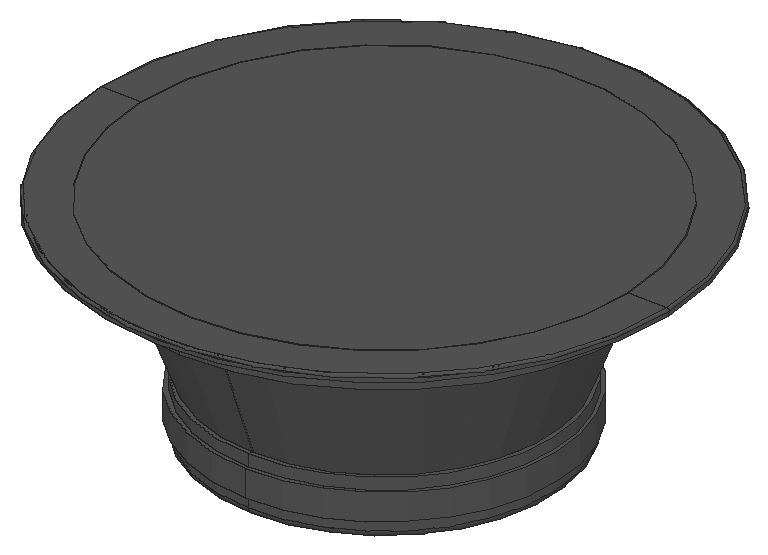
Revit family "Electronics_Commercial-Loudspeakers_Two-Way-Loudspeaker_CMX20T", category Communication Devices, host Face, Revit 2020
Family settings
  Host = Face
  Maintain Annotation Orientation = No
  Round Connector Dimension = Use Diameter
  Part Type = Normal
  OmniClass Number = 23.85.10.11.14.14.14
  OmniClass Title = Loudspeakers
  Cut with Voids When Loaded = No
  Shared = No
  Room Calculation Point = No
Parameters (values of type "CMX20T B")
  Grill Material = Biamp - Plastic - Black(Grid)
  Frequency response in Hz = "50 - 20K"  # constant formula
  Woofer size in inch = "8"  # constant formula
  Vertical dispersion angle 1000 Hz = "180°"  # constant formula
  Tweeter size in inch = "1"  # constant formula
  SPL 1W/1m in dB = "88"  # constant formula
  Max SPL 1m in dB = "108"  # constant formula
  Woofer cone material = "Polypropylene"  # constant formula
  Weight = 3.08647 lbf  # constant formula
  URL = "https://www.biamp.com/"
  Product data url = "https://bimobject.com/biamp/product/cmx20t_commercial-loudspeakers-ceiling"
  Product Page URL = "https://www.biamp.com/products/product-families/commercial-loudspeakers/ceiling-loudspeakers#cmx20t"
  Product Documentation Link = "https://downloads.biamp.com/assets/docs/default-source/data-sheets/biamp_data_sheet_cmx20t_aug20.pdf"
  Mounting system = "3 screws"  # constant formula
  Model = "CMX20T B"
  Manufacturer = "Biamp"  # constant formula
  Main construction material = "ABS plastic"  # constant formula
  Low impedance dynamic power in watts = "100"  # constant formula
  Low impedance RMS power in watts = "50"  # constant formula
  Loudspeaker system = "2-way"  # constant formula
  Installation grip range in mm = "4 - 25"  # constant formula
  Impedance in ohms = "16"  # constant formula
  IP rating = "54"  # constant formula
  Housing Material = Biamp - Plastic - Black
  Grille main material = "Aluminium"  # constant formula
  Diameter = 0' - 9.6063"  # constant formula
  Description = "CMX20T 8 Two-Way Loudspeaker, White"  # constant formula
  Depth = 0' - 3.4252"  # constant formula
  Default Elevation = 4' - 0"
  Cutout in mm = "223"  # constant formula
  Connector Description = "Terminal strip; Low impedance 16 ohms, 70/100V operation"  # constant formula
  Colour = "Black"
  Closest RAL colour (subject to deviations) = "RAL9010 (W) / RAL9011 (BL)"  # constant formula
  Applicable low impedance = "Yes"  # constant formula
  Applicable in 100V = "Yes"  # constant formula
  70V transformer power taps in watts = "20 - 10 - 5 - 2.5"  # constant formula
  100V transformer power taps in watts = "20 - 10 - 5"  # constant formula
Types (2): name | Grill Material | Model | Housing Material | Colour
  CMX20T W | Biamp - Plastic - White(Grid) | "CMX20T W" | Biamp - Plastic - White | "White"
  CMX20T B | Biamp - Plastic - Black(Grid) | "CMX20T B" | Biamp - Plastic - Black | "Black"
Reference planes (in)
  plane 1 "Center (Front/Back)": y = 0
  plane 2: z = 0
  plane 3 "Center (Left/Right)": x = 0
Forms (in)
  Extrusion 1, solid, material "Biamp - Plastic - Black" <- "Housing Material", detail levels coarse
    sketch origin (0, 0, 0) x (1, 0, 0) y (0, 1, 0)
      loop
        circle (0, 0) r 4.42462
    from -3.54331 to 0
  Extrusion 2, void
    sketch origin (0, 0, 0) x (1, 0, 0) y (0, 1, 0)
      loop
        circle (0, 0) r 4.42462
    from -3.54331 to 0
  Revolve 3, solid, material "Biamp - Plastic - Black" <- "Housing Material", detail levels medium+fine
    sketch origin (0, 0, 0) x (1, 0, 0) y (0, 0, 1)
      loop
        line (0, 0) -> (0, 0.10089) -> (-4.8828, 0.10089)
        arc (-4.8828, 0.10089) -> (-4.91, 0.08962) -> (-4.92126, 0.06243) r 0.03846
        line (-4.92126, 0.06243) -> (-4.92126, 0) -> (0, 0)
      axis (0, 0) -> (0, 0.10089)
    angle from 0 to 360
  Revolve 4, solid, material "Biamp - Plastic - Black" <- "Housing Material", detail levels medium+fine
    sketch origin (0, 0, 0) x (0, 1, 0) y (0, 0, 1)
      loop
        line (0, 0) -> (-4.42462, 0) -> (-4.42462, -0.3937) -> (-3.69441, -0.3937) -> (-2.84982, -2.59393) -> (-2.92172, -2.59393) -> (-2.92172, -2.79078) -> (-2.99014, -2.79078) -> (-2.99014, -3.24631) -> (-2.92172, -3.24631) -> (-2.92172, -3.42903)
        arc (-2.92172, -3.42903) -> (-2.88825, -3.50983) -> (-2.80744, -3.54331) r 0.11428
        line (-2.80744, -3.54331) -> (0, -3.54331) -> (0, 0)
      axis (0, 0) -> (0, -3.54331)
    angle from 0 to 360
  Extrusion 5, void
    sketch origin (0, 0.24606, 0) x (1, 0, 0) y (0, 1, 0)
      loop
        circle (0, -0.93002) r 0.59055
    from -3.72319 to -3.50842
  Revolve 6, solid, material "Biamp - Plastic - Black" <- "Housing Material", detail levels coarse
    sketch origin (0, 0, 0) x (1, 0, 0) y (0, 0, 1)
      loop
        line (0, 0) -> (0, 0.10089) -> (-4.8828, 0.10089)
        arc (-4.8828, 0.10089) -> (-4.91, 0.08962) -> (-4.92126, 0.06243) r 0.03846
        line (-4.92126, 0.06243) -> (-4.92126, 0) -> (0, 0)
      axis (0, 0) -> (0, 0.10089)
    angle from 0 to 360
  Extrusion 7, void
    sketch origin (0, 0, 0) x (1, 0, 0) y (0, 1, 0)
      loop
        circle (0, 0) r 4.2126
    from 0 to 0.38008
  Extrusion 8, solid, material "Biamp - Plastic - Black(Grid)" <- "Grill Material", detail levels medium+fine
    sketch origin (0, 0, 0) x (1, 0, 0) y (0, 1, 0)
      loop
        circle (0, 0) r 4.2126
    from 0 to 0.10089
Cuts and joins
  Extrusion 5, Extrusion 7 cuts Extrusion 1
  Extrusion 5, Extrusion 7 cuts Revolve 3
  Extrusion 5, Extrusion 7 cuts Revolve 4
Lines and regions (in)
  Masking region 1
    outline origin (0, 0, 0) x (1, 0, 0) y (0, 0, 1)
      loop
        line (-4.42983, 0) -> (-4.42983, -3.54331) -> (4.42844, -3.54331) -> (4.42844, 0) -> (-4.42983, 0)
  Masking region 2
    outline origin (0, 0, 0) x (1, 0, 0) y (0, 0, 1)
      loop
        line (-4.92227, 0) -> (4.92227, 0) -> (4.92227, 0.06237)
        arc (4.92227, 0.06237) -> (4.91099, 0.0896) -> (4.88375, 0.10089) r 0.03852
        line (4.88375, 0.10089) -> (-4.88375, 0.10089)
        arc (-4.88375, 0.10089) -> (-4.91099, 0.0896) -> (-4.92227, 0.06237) r 0.03852
        line (-4.92227, 0.06237) -> (-4.92227, 0)
  Masking region 3
    outline origin (0, 0, 0) x (1, 0, 0) y (0, 1, 0)
      loop
        circle (0, 0) r 4.92126
  Masking region 4
    outline origin (0, 0, 0) x (1, 0, 0) y (0, 1, 0)
      loop
        circle (0, 0) r 4.92126
      loop
        circle (0, 0) r 4.2126
Dimensions and locks (in)
  aligned and locked: plane 2 to host face
  aligned and locked: level to host face
Connectors (in)
  electrical at (0, -0.68396, -3.50842), driven by "Connector Description"
    settings: on cut or joined group of Extrusion 1, Extrusion 5, Extrusion 7, index 1, voltage 0 V, apparent load 0 VA, apparent load phase1 0 VA, apparent load phase2 0 VA, apparent load phase3 0 VA, power factor 1, load classification "Other", number of poles 1, system type 5, power factor state 1, is connector primary yes, connector utility no, sub classification motor no, connector description "Terminal strip; Low impedance 16 ohms, 70/100V operation"
